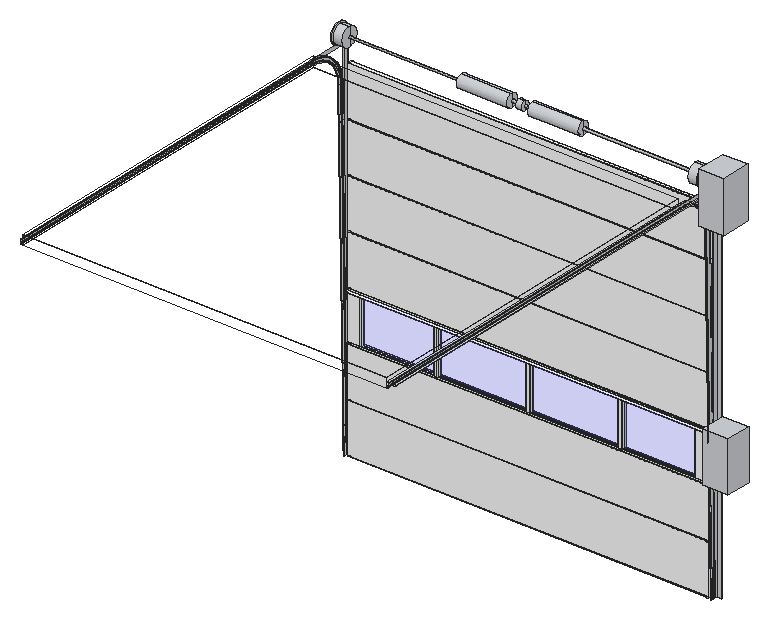
Revit family "EX3220 Complete Door - DraftA", category Doors, host Wall, Revit 2022 (continued)
Definition of nested family "Track - Standard Lift"
  Forms (in)
    Sweep 1, solid
      profile "Track Profile : Track Profile" origin (0, 7.66665, 80.15622) x (0, 0.999783, -0.020829) y (1, 0, 0)
        loop
          arc (-0.65812, 84.92141) -> (-0.63212, 84.9187) -> (-0.60723, 84.91071) r 0.12641
          line (-0.60723, 84.91071) -> (-0.20802, 84.73513)
          arc (-0.20802, 84.73513) -> (-0.05845, 84.52266) -> (-0.17676, 84.29133) r 0.25141
          line (-0.17676, 84.29133) -> (-0.46311, 84.1138) -> (-0.43223, 84.064) -> (-0.14589, 84.24153)
          arc (-0.14589, 84.24153) -> (0, 84.52678) -> (-0.18443, 84.78877) r 0.31
          line (-0.18443, 84.78877) -> (-0.58364, 84.96434)
          arc (-0.58364, 84.96434) -> (-0.62007, 84.97604) -> (-0.65812, 84.98) r 0.185
          line (-0.65812, 84.98) -> (-1.87823, 84.98)
          arc (-1.87823, 84.98) -> (-1.98713, 84.93489) -> (-2.03223, 84.826) r 0.154
          line (-2.03223, 84.826) -> (-2.03223, 84)
    Sweep 2, solid
      path in 3D
        loop
          line (0, 198.33333, 175) -> (0, 24.33333, 175)
          arc (0, 24.33333, 175) -> (0, 13.83778, 170.71649) -> (0, 9.33659, 160.31243) r 15
          line (0, 9.33659, 160.31243) -> (0, 5.99672, 0)
      profile "Track Profile : Track Profile" origin (0, 7.66665, 80.15622) x (0, 0.999783, -0.020829) y (1, 0, 0)
        loop
          line (-2.03223, -84) -> (-2.03223, -84.826)
          arc (-2.03223, -84.826) -> (-1.98713, -84.93489) -> (-1.87823, -84.98) r 0.154
          line (-1.87823, -84.98) -> (-0.65812, -84.98)
          arc (-0.65812, -84.98) -> (-0.62007, -84.97604) -> (-0.58364, -84.96434) r 0.185
          line (-0.58364, -84.96434) -> (-0.18443, -84.78877)
          arc (-0.18443, -84.78877) -> (0, -84.52678) -> (-0.14589, -84.24153) r 0.31
          line (-0.14589, -84.24153) -> (-0.43223, -84.064) -> (-0.46311, -84.1138) -> (-0.17676, -84.29133)
          arc (-0.17676, -84.29133) -> (-0.05845, -84.52266) -> (-0.20802, -84.73513) r 0.25141
          line (-0.20802, -84.73513) -> (-0.60723, -84.91071)
          arc (-0.60723, -84.91071) -> (-0.63212, -84.9187) -> (-0.65812, -84.92141) r 0.12641
          line (-0.65812, -84.92141) -> (-1.87823, -84.92141)
          arc (-1.87823, -84.92141) -> (-1.9457, -84.89346) -> (-1.97364, -84.826) r 0.09541
          line (-1.97364, -84.826) -> (-1.97364, -84) -> (-2.03223, -84)
    Extrusion 3, solid
      sketch origin (84, 9, 148.94743) x (0, 0, 1) y (0, 1, 0)
        loop
          line (25.05257, 189.33333) -> (25.05257, 15.33333) -> (30.05257, 15.33333) -> (30.05257, 189.33333) -> (25.05257, 189.33333)
      from 0 to 168 <- "TrackToTrack"
    Extrusion 4, solid
      sketch origin (0, 198.33333, 175) x (0, 0, 1) y (1, 0, 0)
        loop
          line (1.87823, 84.98) -> (1.87823, 85.06107) -> (0.47823, 85.06107) -> (0.47823, 86.48) -> (0.37823, 86.48) -> (0.37823, 84.98) -> (1.87823, 84.98)
      from -2 to -194.33333 <- "HorizontalAngleLength"
    Extrusion 5, solid
      sketch origin (0, 198.33333, 175) x (0, 0, 1) y (1, 0, 0)
        loop
          line (1.87823, -84.98) -> (0.37823, -84.98) -> (0.37823, -86.48) -> (0.47823, -86.48) -> (0.47823, -85.08) -> (1.87823, -85.08) -> (1.87823, -84.98)
      from -2 to -194.33333 <- "HorizontalAngleLength"
    Extrusion 6, solid
      sketch origin (0, 0, 0) x (1, 0, 0) y (0, 1, 0)
        loop
          line (-84.98, 4.63) -> (-85.08, 4.63) -> (-85.08, 3.30484)
          arc (-85.08, 3.30484) -> (-85.14, 3.16) -> (-85.28484, 3.1) r 0.20484
          line (-85.28484, 3.1) -> (-87.26, 3.1) -> (-87.26, 3) -> (-85.28584, 3)
          arc (-85.28584, 3) -> (-85.06958, 3.08958) -> (-84.98, 3.30584) r 0.30584
          line (-84.98, 3.30584) -> (-84.98, 4.63)
        loop
          line (84.98, 4.63) -> (84.98, 3.30584)
          arc (84.98, 3.30584) -> (85.06958, 3.08958) -> (85.28584, 3) r 0.30584
          line (85.28584, 3) -> (87.26, 3) -> (87.26, 3.1) -> (85.28484, 3.1)
          arc (85.28484, 3.1) -> (85.14, 3.16) -> (85.08, 3.30484) r 0.20484
          line (85.08, 3.30484) -> (85.08, 4.63) -> (84.98, 4.63)
      from 0 to 178 <- "VerticalAngleLength"
    Extrusion 7, solid, visible <- "Operator - Jack Shaft Left"
      sketch origin (-60, 3, 0) x (-1, 0, 0) y (0, 0, 1)
        loop
          line (-160, 190) -> (-160, 166) -> (-148, 166) -> (-148, 190) -> (-160, 190)
      from 0 to 14.50457
    Extrusion 8, solid, visible <- "Operator - Jack Shaft Right"
      sketch origin (-60, 3, 0) x (-1, 0, 0) y (0, 0, 1)
        loop
          line (28, 190) -> (28, 166) -> (40, 166) -> (40, 190) -> (28, 190)
      from 0 to 14.50457
    Extrusion 9, solid, visible <- "Operator - Jack Shaft Left"
      sketch origin (-59.08, 3, -112) x (-1, 0, 0) y (0, 0, 1)
        loop
          line (-159.08, 190) -> (-159.08, 166) -> (-147.08, 166) -> (-147.08, 190) -> (-159.08, 190)
      from 0 to 12
    Extrusion 10, solid, visible <- "Operator - Jack Shaft Right"
      sketch origin (-60, 3, -120) x (-1, 0, 0) y (0, 0, 1)
        loop
          line (28, 198) -> (28, 174) -> (40, 174) -> (40, 198) -> (28, 198)
      from 0 to 12
  Lines and regions (in)
    reference lines, not visible
      curve 1: line (0, 24.33333, 160) -> (0, 24.33333, 175)
      curve 2: line (0, 24.33333, 160) -> (0, 9.33659, 160.31243)
      curve 3: line (0, 24.33333, 175) -> (0, 198.33333, 175)
      curve 4: line (0, 9.33659, 160.31243) -> (0, 5.99672, 0)
      curve 5: arc (0, 24.33333, 175) -> (0, 13.83778, 170.71649) -> (0, 9.33659, 160.31243) r 15
    sketch lines
      curve 6: line (0, 9.33659, 160.31243) -> (0, 5.99672, 0)
      curve 7: arc (0, 24.33333, 175) -> (0, 13.83778, 170.71649) -> (0, 9.33659, 160.31243) r 15
      curve 8: line (0, 24.33333, 175) -> (0, 198.33333, 175)
      curve 9: line (0, 9.33659, 160.31243) -> (0, 5.99672, 0)
      curve 10: arc (0, 24.33333, 175) -> (0, 13.83778, 170.71649) -> (0, 9.33659, 160.31243) r 15
      curve 11: line (0, 24.33333, 175) -> (0, 198.33333, 175)
  Text (in)
    text "Placement Side" at (0, 40.15149, 123.01588), in view "Right"
    text "Placement Side" at (-70.3804, 28.46503, 0), in view "Ref. Level"
    text "Placement Side" at (0, 81.62555, 140.59947), in view "Left"
  Dimensions and locks (in)
    locked: plane 3 "Wall Edge" to host wall
    "WallToRadiusCenter": plane 3 "Wall Edge" to plane 4
    "Vertical Track Length": plane 5 to level
    "Track Radius": curve 1 to curve 1
    "Track Radius": curve 2 to curve 2
    "CenterToLHTrack": plane 6 to plane 2 "Center (Left/Right)"
    "CenterToLHTrack": plane 2 "Center (Left/Right)" to plane 7
    "Horizontal Track Length": curve 5 to curve 3
    locked: curve 3 to Extrusion 3 sketch curve at 4
    locked: Extrusion 3 sketch curve to curve 3 at 1
    locked: Extrusion 4 sketch curve to Extrusion 4 sketch curve at 1.5  (x2)
    locked: Extrusion 4 sketch curve to Extrusion 4 sketch curve at 0.1
    locked: Sweep 1 to Extrusion 4 sketch curve at 0.08107
    locked: Extrusion 5 sketch curve to Extrusion 5 sketch curve at 0.1
    locked: Extrusion 5 sketch curve to Sweep 2 at 0.1
    locked: Extrusion 5 sketch curve to Extrusion 5 sketch curve at 1.5
    locked: Extrusion 5 sketch curve to Sweep 2 at 1.5
    locked: Extrusion 6 sketch curve to Extrusion 6 sketch curve at 0.1  (x4)
    locked: Extrusion 6 sketch curve to Extrusion 6 sketch curve at 2.28  (x2)
    Extrusion 6 sketch curve to Extrusion 6 sketch curve = 0' - 1.63"
    locked: Extrusion 6 sketch curve to Extrusion 6 sketch curve at 1.63  (x2)
    locked: host wall to nested 1 at 6
    locked: Extrusion 7 sketch curve to Extrusion 7 sketch curve at 12
    locked: Extrusion 7 sketch curve to Extrusion 7 sketch curve at 24
    "FloorToJackShaft": level to Extrusion 7 sketch curve
    "CenterToJackShaft": Extrusion 7 sketch curve to curve 4
    locked: Extrusion 8 sketch curve to Extrusion 8 sketch curve at 24
    locked: Extrusion 8 sketch curve to Extrusion 8 sketch curve at 12
    "CenterToJackShaft": curve 4 to Extrusion 8 sketch curve
    "FloorToShaftCL": nested 1 to level
    locked: Extrusion 9 sketch curve to Extrusion 9 sketch curve at 12
    locked: Extrusion 9 sketch curve to Extrusion 9 sketch curve at 24
    locked: Extrusion 6 to Extrusion 9 at 54
    level to Extrusion 9 = 6' - 6"
    locked: Extrusion 10 sketch curve to Extrusion 10 sketch curve at 24
    locked: Extrusion 10 sketch curve to Extrusion 10 sketch curve at 12
    Extrusion 4 to Extrusion 7 = 1' - 2.62177"
    curve 3 to Extrusion 8 = 1' - 3"
    locked: Extrusion 8 to Extrusion 8 at 14.50457
    Extrusion 9 to Extrusion 9 = 1' - 0"
    plane 2 "Center (Left/Right)" to Extrusion 9 = 8' - 4"
    "Track Radius": radius of curve 5
    radius of Extrusion 6 sketch curve = 0' - 0.30584"
    radius of Extrusion 6 sketch curve = 0' - 0.20484"
    "HorizontalTrackAngle": angle curve 1 to plane 5
    locked: curve 2 to plane 5 (angle 1.1935°)
    locked: curve 1 to curve 3 (angle 90.00°)
    locked: curve 4 to curve 2 (angle 90.00°)
    aligned and locked: plane 5 to curve 2
    aligned and locked: curve 2 to plane 4
    aligned and locked: level to curve 4
    aligned and locked: Extrusion 3 sketch curve to curve 3
    aligned and locked: Extrusion 3 sketch curve to curve 1
    aligned and locked: Extrusion 4 sketch curve to Sweep 1
    aligned and locked: Extrusion 5 sketch curve to Sweep 2
    aligned and locked: Extrusion 4 to Extrusion 5 sketch curve
    aligned and locked: Sweep 2 to Extrusion 6 sketch curve
    aligned and locked: Extrusion 6 sketch curve to Sweep 1
    aligned and locked: Extrusion 6 sketch curve to host wall
    aligned and locked: nested 1 to curve 4
    aligned and locked: Extrusion 7 to Extrusion 8 sketch curve
    aligned and locked: Extrusion 9 to Extrusion 7
    aligned and locked: Extrusion 10 to Extrusion 8
    aligned and locked: Extrusion 9 to Extrusion 10
    aligned and locked: Extrusion 7 to Extrusion 8
  Automatic sketch dimensions
    Sweep 1 to Extrusion 4 sketch curve = 0' - 1.59541"
    Extrusion 6 sketch curve to host wall = 0' - 0"
    Extrusion 6 sketch curve to Extrusion 6 sketch curve = 0' - 0.20484"
    Extrusion 6 sketch curve to Extrusion 6 sketch curve = 0' - 0.00101"
    Extrusion 9 sketch curve to plane 6 = 1' - 4"
    level to Extrusion 9 sketch curve = 4' - 6"
    plane 7 to Extrusion 10 sketch curve = 0' - 4"
    level to Extrusion 10 sketch curve = 4' - 6"
  Nested families (in)
    nested 1: "Torsion Assembly - Standard Lift" at (0, 9, 118.84779), type "Torsion Assembly - High Lift"
      with HalfShaft2Length 8' - 2 1/2", Door Width 13' - 10", HalfShaftLength 7' - 2 1/2"
  Definition of nested family "Torsion Assembly - Standard Lift"
    Parameters
      Spring Length = if(Door Width < 6' 0", 1' 0", 2' 0")  # 2' - 0"
      HalfShaft2Length = HalfShaftLength + 1' 0"  # 7' - 3 1/2"
      Double Torsion Shaft = no
      Door Width = 12' - 0"
      HalfShaftLength = (Door Width + 0' 7") / 2  # 6' - 3 1/2"
      Default Elevation = 0' - 0"
      Assembly Code = ""
    Reference planes (in)
      plane 1 "Center (Front/Back)": y = 0
      plane 2: z = 63.15221
      plane 3 "Center (Left/Right)": x = 0
      plane 4: z = 75.15221
      plane 5: z = 63.15221
    Forms (in)
      Revolve 1, solid
        sketch origin (0, 0, 0) x (1, 0, 0) y (0, 0, 1)
          loop
            line (5, 63.65221) -> (1.38578, 63.65221) -> (1.38578, 65.15221) -> (-1.36422, 65.15221) -> (-1.36422, 63.65221) -> (-5, 63.65221) -> (-5, 66.15221) -> (-29, 66.15221) -> (-29, 63.65221) -> (-68.5, 63.65221) -> (-68.5, 67.45823) -> (-73, 67.45823) -> (-73, 67.95823) -> (-73.5, 67.95823) -> (-73.5, 63.65221) -> (-75.5, 63.65221) -> (-75.5, 63.15221) -> (-73.5, 63.15221) -> (73.5, 63.15221) -> (75.5, 63.15221) -> (75.5, 63.65221) -> (73.5, 63.65221) -> (73.5, 67.95823) -> (73, 67.95823) -> (73, 67.45823) -> (68.5, 67.45823) -> (68.5, 63.65221) -> (29, 63.65221) -> (29, 66.15221) -> (5, 66.15221) -> (5, 63.65221)
          axis (-75.5, 63.15221) -> (75.5, 63.15221)
        angle from 0 to 360
      Revolve 2, solid, visible <- "Double Torsion Shaft"
        sketch origin (0, 0, 12) x (1, 0, 0) y (0, 0, 1)
          loop
            line (5, 63.65221) -> (1.38578, 63.65221) -> (1.38578, 65.15221) -> (-1.36422, 65.15221) -> (-1.36422, 63.65221) -> (-5, 63.65221) -> (-5, 66.15221) -> (-29, 66.15221) -> (-29, 63.65221) -> (-74.5, 63.65221) -> (-74.5, 67.45823) -> (-79, 67.45823) -> (-79, 67.95823) -> (-79.5, 67.95823) -> (-79.5, 63.65221) -> (-87.5, 63.65221) -> (-87.5, 63.15221) -> (-79.5, 63.15221) -> (79.5, 63.15221) -> (87.5, 63.15221) -> (87.5, 63.65221) -> (79.5, 63.65221) -> (79.5, 67.95823) -> (79, 67.95823) -> (79, 67.45823) -> (74.5, 67.45823) -> (74.5, 63.65221) -> (29, 63.65221) -> (29, 66.15221) -> (5, 66.15221) -> (5, 63.65221)
          axis (-87.5, 63.15221) -> (87.5, 63.15221)
        angle from 0 to 360
    Dimensions and locks (in)
      locked: Revolve 1 sketch curve to Revolve 1 sketch curve at 0.5  (x4)
      locked: Revolve 1 sketch curve to Revolve 1 sketch curve at 4.80602
      locked: Revolve 1 sketch curve to Revolve 1 sketch curve at 2.75
      locked: Revolve 1 sketch curve to plane 3 "Center (Left/Right)" at 1.38578
      locked: Revolve 1 sketch curve to Revolve 1 sketch curve at 3
      locked: Revolve 1 sketch curve to Revolve 1 sketch curve at 2  (x3)
      locked: Revolve 1 sketch curve to plane 3 "Center (Left/Right)" at 5
      "Spring Length": Revolve 1 sketch curve to Revolve 1 sketch curve  (x2)
      locked: plane 3 "Center (Left/Right)" to Revolve 1 sketch curve at 5
      locked: Revolve 1 sketch curve to Revolve 1 sketch curve at 5  (x2)
      "HalfShaftLength": Revolve 1 sketch curve to plane 3 "Center (Left/Right)"
      "HalfShaftLength": plane 3 "Center (Left/Right)" to Revolve 1 sketch curve
      locked: Revolve 2 sketch curve to Revolve 2 sketch curve at 0.5  (x4)
      locked: Revolve 2 sketch curve to Revolve 2 sketch curve at 4.80602
      locked: Revolve 2 sketch curve to Revolve 2 sketch curve at 2.75
      locked: Revolve 2 sketch curve to Revolve 2 sketch curve at 3
      locked: Revolve 2 sketch curve to Revolve 2 sketch curve at 2
      "Spring Length": Revolve 2 sketch curve to Revolve 2 sketch curve  (x2)
      locked: Revolve 2 sketch curve to Revolve 2 sketch curve at 5  (x2)
      locked: Revolve 2 sketch curve to Revolve 2 sketch curve at 8  (x2)
      locked: Revolve 2 to plane 4 at 0.5
      locked: plane 4 to level at 12
      "HalfShaft2Length": plane 3 "Center (Left/Right)" to Revolve 2 sketch curve
      "HalfShaft2Length": Revolve 2 sketch curve to plane 3 "Center (Left/Right)"
      locked: plane 3 "Center (Left/Right)" to Revolve 2 sketch curve at 5
      locked: Revolve 2 sketch curve to plane 3 "Center (Left/Right)" at 5
      aligned and locked: plane 2 to level
      aligned and locked: plane 5 to level
    Automatic sketch dimensions
      Revolve 1 sketch curve to level = 0' - 0"  (x2)
      Revolve 1 sketch curve to Revolve 1 sketch curve = 0' - 0"  (x2)
      Revolve 1 sketch curve to Revolve 1 sketch curve = 0' - 11.98222"
      Revolve 1 sketch curve to Revolve 1 sketch curve = 0' - 11.01778"
      level to Revolve 1 sketch curve = 0' - 0 1/2"  (x4)
      Revolve 1 sketch curve to Revolve 1 sketch curve = 0' - 0 1/2"  (x2)
      Revolve 1 sketch curve to Revolve 1 sketch curve = 0' - 2 1/2"
      Revolve 1 sketch curve to Revolve 1 sketch curve = 0' - 3.80602"
      level to Revolve 2 sketch curve = 1' - 0 1/2"  (x2)
      Revolve 2 sketch curve to Revolve 2 sketch curve = 0' - 0"  (x2)
      Revolve 2 sketch curve to Revolve 2 sketch curve = 0' - 11.98222"
      Revolve 2 sketch curve to plane 3 "Center (Left/Right)" = 0' - 1.36422"
      Revolve 2 sketch curve to Revolve 2 sketch curve = 0' - 11.01778"
      level to Revolve 2 sketch curve = 1' - 0"
      Revolve 2 sketch curve to Revolve 2 sketch curve = 0' - 1 1/2"
      Revolve 2 sketch curve to Revolve 2 sketch curve = 0' - 0 1/2"  (x3)
      Revolve 2 sketch curve to Revolve 2 sketch curve = 0' - 2 1/2"  (x2)
      Revolve 2 sketch curve to Revolve 2 sketch curve = 0' - 3.80602"
